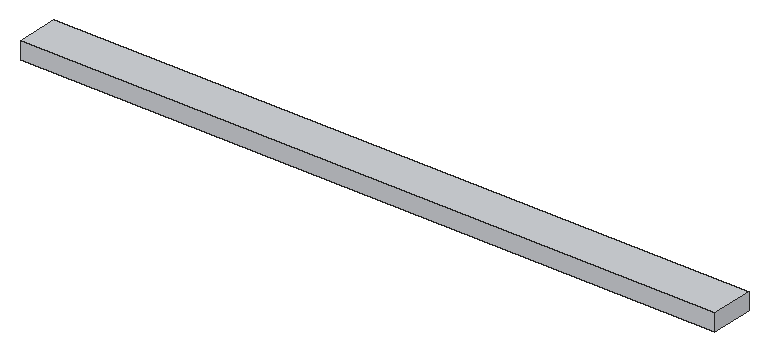
Revit family "Mullion", category Generic Models, Revit 2025
Family settings
  Can host rebar = No
  Round Connector Dimension = Use Diameter
  Part Type = Normal
  Work Plane-Based = No
  Always vertical = Yes
  Cut with Voids When Loaded = No
  Maintain Annotation Orientation = No
  Shared = No
  Room Calculation Point = No
Parameters
  Tebal [instance] = 40 mm
  Panjang [instance] = 1651.605 mm
  Lebar [instance] = 100 mm
  Default Elevation = 0 mm
Reference planes
  plane 1 "Center (Front/Back)": y = 0
  plane 2: z = 0
  plane 3 "Center (Left/Right)": x = 0
Forms (mm)
  Extrusion 1, solid
    sketch origin (0, 0, 0) x (1, 0, 0) y (0, 1, 0)
      loop
        line (-825.803, 50) -> (-825.803, -50) -> (825.803, -50) -> (825.803, 50) -> (-825.803, 50)
    from -20 to 20
Dimensions and locks
  equal spacing: Extrusion 1, plane 1 "Center (Front/Back)", Extrusion 1
  "Lebar": Extrusion 1 to Extrusion 1
  equal spacing: Extrusion 1, plane 3 "Center (Left/Right)", Extrusion 1
  "Panjang": Extrusion 1 to Extrusion 1
  "Tebal": Extrusion 1 to Extrusion 1
  equal spacing: Extrusion 1, level, Extrusion 1
  aligned and locked: level to plane 2
Automatic sketch dimensions
  plane 1 "Center (Front/Back)" to Extrusion 1 sketch curve = 50 mm
  Extrusion 1 sketch curve to plane 3 "Center (Left/Right)" = 825.803 mm
  plane 3 "Center (Left/Right)" to Extrusion 1 sketch curve = 825.803 mm
  Extrusion 1 sketch curve to plane 1 "Center (Front/Back)" = 50 mm
